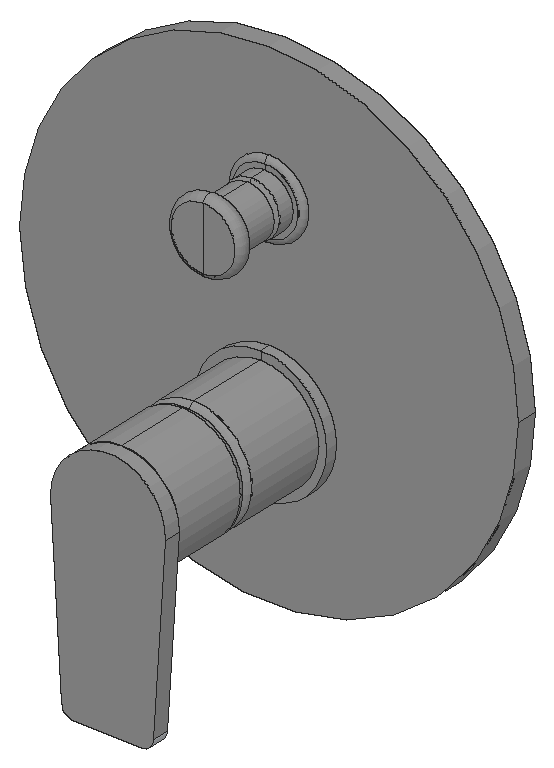
Revit family "MZ TINA CONCEPT", category Plumbing Fixtures, Revit 2019
Family settings
  Round Connector Dimension = Use Diameter
  Part Type = Normal
  OmniClass Number = 23.45.00.00
  OmniClass Title = Sanitary, Laundry, and Cleaning Equipment
  Work Plane-Based = No
  Always vertical = Yes
  Cut with Voids When Loaded = No
  Shared = No
  Room Calculation Point = No
Reference planes
  plane 1 "Center (Front/Back)": y = 0
  plane 2: z = 0
  plane 3 "Center (Left/Right)": x = 0
Forms (mm)
  Extrusion 1, solid
    sketch origin (0, 0, 0) x (1, 0, 0) y (0, 0, 1)
      loop
        circle (0, 40) r 45
    from 0 to 3.5
  Revolve 2, solid
    sketch origin (0, 0, 0) x (0, 1, 0) y (0, 0, 1)
      loop
        line (-4.5, 66.5) -> (-4.5, 65.5) -> (-7.5, 65.5) -> (-8.5, 63.75) -> (-8.5, 65.25) -> (-15.5, 65.25) -> (-15.5, 66.25)
        arc (-15.5, 66.25) -> (-17, 67.18) -> (-18.5, 66.25) r 1.674
        line (-18.5, 66.25) -> (-18.5, 60.5) -> (-3.5, 60.5) -> (-3.5, 67.5)
        arc (-3.5, 67.5) -> (-4.207, 67.207) -> (-4.5, 66.5) r 1
      axis (-3.5, 60.5) -> (-18.5, 60.5)
    angle from 0 to 360
  Revolve 3, solid
    sketch origin (0, 0, 0) x (0, 1, 0) y (0, 0, 1)
      loop
        line (-3.5, 24.75) -> (-3.5, 36.75) -> (-5.5, 36.75) -> (-5.5, 35.15) -> (-20.5, 35.15)
        arc (-20.5, 35.15) -> (-21.48, 34.347) -> (-21.9, 33.151) r 2.346
        line (-21.9, 33.151) -> (-21.9, 33.964)
        arc (-21.9, 33.964) -> (-22.247, 34.803) -> (-23.086, 35.15) r 1.186
        line (-23.086, 35.15) -> (-36.9, 35.15) -> (-36.9, 24.75) -> (-3.5, 24.75)
      axis (-3.5, 24.75) -> (-36.9, 24.75)
    angle from 0 to 360
  Extrusion 4, solid
    sketch origin (0, 0, 0) x (1, 0, 0) y (0, 0, 1)
      loop
        line (-6.201, -10.25) -> (6.069, -10.25)
        arc (6.069, -10.25) -> (7.551, -9.665) -> (8.232, -8.225) r 2.167
        line (8.232, -8.225) -> (10.4, 24.75)
        arc (10.4, 24.75) -> (0, 35.15) -> (-10.4, 24.75) r 10.4
        line (-10.4, 24.75) -> (-8.397, -8.184)
        arc (-8.397, -8.184) -> (-7.708, -9.652) -> (-6.201, -10.25) r 2.2
    from 36.9 to 39.823
Dimensions and locks
  aligned and locked: level to plane 2
